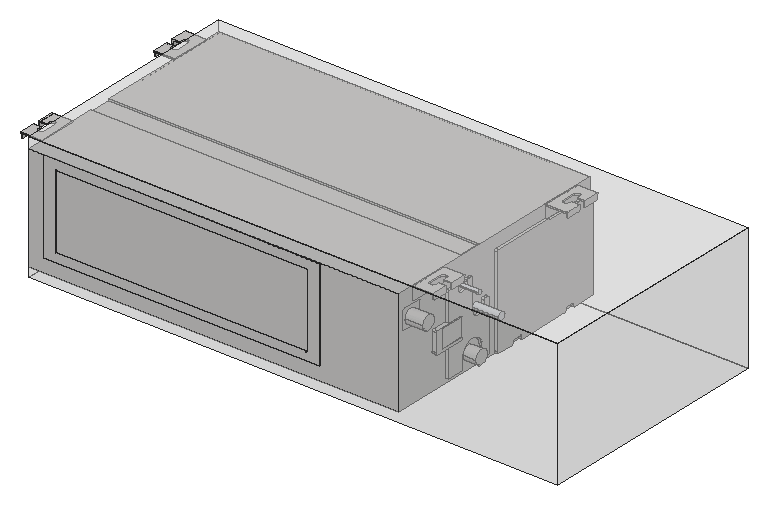
Revit family "outputfile", category 機械設備, Revit 2024
Family settings
  丸型コネクタ寸法 = 半径を使用
  パーツ タイプ = 標準
  OmniClass 番号 = 23.75.10.24.21.27.27
  OmniClass タイトル = Split System Air Conditioning Units
  作業面ベース = いいえ
  常に垂直 = はい
  ロード時にボイドで切り取り = いいえ
  注釈の向きを維持 = いいえ
  共有 = いいえ
  部屋計算ポイント = はい
Parameters (values of type "FPDAQ40APVM")
  Description = ""
  製造元 = "Daikin"
  書き出し IFC クラス(タイプ) = "IfcUnitaryEquipmentType"
  定義済み IFC タイプ(タイプ) = "AIRCONDITIONINGUNIT"
  Cost = 0
  モデル = "FPDAQ40APVM"
  Type Comments = ""
  Keynote = ""
  Type Image = (empty or 0)
  Assembly Code = ""
  lw_suctionflange = 36.75 mm  # constant formula
  r_Liquid Pipe Size = Liquid Pipe Size / 2  # 3.2 mm
  r_Gas Pipe Size = Gas Pipe Size / 2  # 6.35 mm
  r_Drain Pipe Size = Drain Pipe Size / 2  # 13.0 mm
  lw_dischargeflange = 60.0 mm  # constant formula
  lw_SA_left = 351.0 mm
  lw_SA = Width - 178.0 mm  # 522.0 mm
  lw_RA = 624.5 mm
  lh_suctionflange [instance] = if(Rear Connection_Return Air, -100.0 mm, -10.0 mm)  # -100.0 mm
  lh_power = 100.0 mm  # constant formula
  lh_mountinghole1 = lh_mountinghole  # 200.0 mm
  lh_dischargeflange = 112.0 mm  # constant formula
  lh_RA = 198.0 mm  # constant formula
  ld_dischargeflange = 225.0 mm  # constant formula
  ld_suctionflange [instance] = if(Rear Connection_Return Air, 190.0 mm, 100.0 mm)  # 190.0 mm
  angle_vertical_RA [instance] = if(Rear Connection_Return Air, 90.00°, 0.00°)  # 90.00°
  angle horizontal_RA [instance] = if(Rear Connection_Return Air, 180.00°, 270.00°)  # 180.00°
  Voltage_comment_60Hz = "220-230"
  Voltage_comment_50Hz = "220 - 240"
  Voltage_60Hz = 220 V
  Voltage_50Hz = 230 V
  URL = ""
  Supply Air Direction [instance] = yes
  Sound Power Level_H speed (dB) = 0
  Rear Connection_Return Air [instance] = not(Bottom Connection_Return Air)  # yes
  ld_RA = 190.0 mm  # constant formula
  Phase_60Hz = 1
  Phase_50Hz = 1
  Minimum External Static Pressure = 0.00 Pa
  Minimum Circuit Amps_60Hz = 0.6 A
  Minimum Circuit Amps_50Hz = 0.6 A
  Maximum Fuse Amps_60Hz = 16.0 A
  Maximum Fuse Amps_50Hz = 16.0 A
  Maximum External Static Pressure = 10.00 Pa
  Material_Casing = DAIKIN_GalvanizedSteel_Casing_indoorunit
  lw_mountinghole = 740.0 mm
  lh_gaspipe = -98.0 mm  # constant formula
  lh_mountinghole = 200.0 mm  # constant formula
  lh_liquidpipe = -45.5 mm  # constant formula
  lh_drainpipe = -50.0 mm  # constant formula
  lh_antena = 1.0 mm  # constant formula
  ld_drainpipe = 197.0 mm  # constant formula
  ld_liquidpipe = 84.0 mm  # constant formula
  ld_gaspipe = 46.5 mm  # constant formula
  ld_mountinghole = 315.0 mm  # constant formula
  h*** = 100.0 mm  # constant formula
  lw_liquidpipe = 40.0 mm  # constant formula
  lw_gaspipe = 51.0 mm  # constant formula
  lw_drainpipe = 33.0 mm  # constant formula
  Width = 700.0 mm
  Version = "ver.1.0"
  Unit Type = "3D Air Flow Ceiling Mounted Duct Type"
  Unit Mass Weight = 17.00 kg
  Unit Designation [instance] = ""
  Uniclass2015Version = "Products v1.30"
  Uniclass2015Title = "Variable refrigerant flow units"
  Uniclass2015Code = "Pr_70_65_03_94"
  Total Cooling Capacity [instance] = 0.000 kW
  Sound Pressure Level_M speed (dBA) = 35
  Sound Pressure Level_L speed (dBA) = 31
  Sound Pressure Level_H speed (dBA) = 39
  Series = "VRV HOME_Fan Coil Unit"
  Sensible Cooling Capacity [instance] = 0.000 kW
  SA Duct Size Width = 456.0 mm
  SA Duct Size Height = 141.0 mm
  Refrigerant Type = "R410A"
  RA Duct Size Width = 598.5 mm
  RA Duct Size Height = 172.0 mm
  Power Input (Cooling) = 0.049 kW
  Option Accessory 3 [instance] = ""
  Option Accessory 2 [instance] = ""
  Option Accessory 1 [instance] = ""
  Nominal Cooling Capacity = 4.500 kW
  Minimum Airflow = 540.00 m³/h
  Median Airflow = 630.00 m³/h
  Maximum Airflow = 720.00 m³/h
  Load Classification = HVAC
  Liquid Pipe Size = 6.4 mm
  Link_Nested Family [instance] = ""
  IfcVersion = ""
  IfcExportType = "AIRCONDITIONINGUNIT"
  IfcExportAs = "IfcUnitaryEquipmentType"
  Height = 200.0 mm
  Heat Exchanger Type = "Cross Fin Coil"
  Gas Pipe Size = 12.7 mm
  Frequency_60Hz = 60 Hz
  Frequency_50Hz = 50 Hz
  Fan Type = "Sirocco Fan"
  Fan Drive = "Direct Drive"
  FCU Tag No. [instance] = ""
  Drain Pipe Size = 26.0 mm
  Design Supply Airflow [instance] = 0.00 m³/h
  Design Return Airflow [instance] = 0.00 m³/h
  Design External Static Pressure [instance] = 0.00 Pa
  Depth = 450.0 mm
  既定の高さ = 0.0 mm
  Cooling Entering Wet Bulb Temperature [instance] = 0.00 °C
  Cooling Entering Dry Bulb Temperature [instance] = 0.00 °C
  Cooling Ambient Wet Bulb Temperature [instance] = 0.00 °C
  Cooling Ambient Dry Bulb Temperature [instance] = 0.00 °C
  Clearance visibility [instance] = yes
  Clearance Top = 20.0 mm
  Clearance Right = 300.0 mm
  Clearance Rear = 0.0 mm
  Clearance Left = 0.0 mm
  Clearance Front = 0.0 mm
  Clearance Bottom = 20.0 mm
  Bottom Connection_Return Air [instance] = no
  left_pipe = no
Reference planes
  plane 1 "Center (Front/Back)": y = 0
  plane 2 "h": z = 0
  plane 3 "Center (Left/Right)": x = 0
  plane 4 "Back": y = 225
  plane 5 "Front": y = -225
  plane 6 "Left": x = -350
  plane 7 "Reight": x = 350
  plane 8 "Top": z = 0
  plane 9 "Bottom": z = -200
  plane 10: z = 1.2
  plane 11: z = -2
  plane 12: y = -136.255
  plane 13: z = -130.998
  plane 14: y = -88.831
  plane 15: x = -370
  plane 16 "lh_mountinghole": z = 0
  plane 17: y = -197
  plane 18: z = -50
  plane 19: y = -157.5
  plane 20: y = 157.5
  plane 21 "ld_liquidpipe": y = -84
  plane 22 "ld_gaspipe": y = -46.5
  plane 23: y = -215
  plane 24 "ld_maintenacesocket": y = -197
  plane 25: x = -370
  plane 26: x = -350
  plane 27: x = 348.7
  plane 28: x = 383
  plane 29: x = 357
  plane 30: x = 360
  plane 31: x = 358
  plane 32: x = 370
  plane 33: y = -62
  plane 34: x = 375.5
  plane 35: x = 348
  plane 36: y = 225
  plane 37: y = -225
  plane 38: x = -350
  plane 39: x = 650
  plane 40: z = 20
  plane 41: z = -220
  plane 42: y = 250
  plane 43: z = -198
  plane 44: z = 205.102
  plane 45 "d_liquid_pipe": x = 390
  plane 46 "d_gas_pipe": x = 401
  plane 47 "ld_SA": y = -225
  plane 48: x = -350
  plane 49: x = -60
  plane 50: y = 415
  plane 51: z = -88
  plane 52: z = -189.5
  plane 53: x = -349
  plane 54: z = -199
  plane 55: z = -1
  plane 56: y = 35
  plane 57: y = 25
  plane 58: z = -10
  plane 59 "RA_width": x = -36.75
  plane 60: y = 125
  plane 61 "RA_depth": y = 35
  plane 62: z = -100
  plane 63: x = -349
  plane 64: y = 224
  plane 65: x = 242.57
  plane 66: z = -31.16
  plane 67: x = 302
  plane 68: y = 158.8
  plane 69 "h86.5": z = -113.5
  plane 70: y = 111
Forms (mm)
  Extrusion 1, solid, material "DAIKIN_GalvanizedSteel_Casing_indoorunit" <- "Material_Casing"
    sketch origin (0, 0, 0) x (1, 0, 0) y (0, 1, 0)
      loop
        line (-350, 225) -> (-350, -225) -> (350, -225) -> (350, 225) -> (-350, 225)
    from -200 to 0
  Extrusion 2, solid, material "DAIKIN_GalvanizedSteel_Casing_indoorunit" <- "Material_Casing"
    sketch origin (0, 0.312, 0) x (0, 1, 0) y (0, 0, 1)
      loop
        line (182.791, -198) -> (224.688, -198) -> (224.688, -22.445) -> (195.656, -22.445) -> (192.165, -25.937) -> (122.336, -25.937) -> (118.844, -22.445) -> (1.633, -22.445)
        arc (1.633, -22.445) -> (-0.483, -23.322) -> (-1.36, -25.438) r 2.993
        line (-1.36, -25.438) -> (-1.36, -195.007)
        arc (-1.36, -195.007) -> (-0.483, -197.123) -> (1.633, -198) r 2.993
        line (1.633, -198) -> (31.061, -198)
        arc (31.061, -198) -> (33.177, -197.124) -> (34.053, -195.008) r 2.992
        line (34.053, -195.008) -> (34.053, -188.29)
        arc (34.053, -188.29) -> (35.55, -186.794) -> (37.046, -188.29) r 1.496
        line (37.046, -188.29) -> (37.046, -190.333) -> (52.01, -190.333) -> (52.01, -188.29)
        arc (52.01, -188.29) -> (53.506, -186.794) -> (55.002, -188.29) r 1.496
        line (55.002, -188.29) -> (55.002, -195.007)
        arc (55.002, -195.007) -> (55.879, -197.123) -> (57.995, -198) r 2.993
        line (57.995, -198) -> (155.756, -198)
        arc (155.756, -198) -> (157.872, -197.123) -> (158.749, -195.007) r 2.993
        line (158.749, -195.007) -> (158.749, -188.29)
        arc (158.749, -188.29) -> (160.245, -186.794) -> (161.741, -188.29) r 1.496
        line (161.741, -188.29) -> (161.741, -190.333) -> (176.705, -190.333) -> (176.705, -188.29)
        arc (176.705, -188.29) -> (178.201, -186.794) -> (179.697, -188.29) r 1.496
        line (179.697, -188.29) -> (179.697, -195.005)
        arc (179.697, -195.005) -> (180.571, -197.115) -> (182.682, -197.989) r 2.984
      loop
        arc (-61.313, -42.952) -> (-62.034, -41.571) -> (-63.466, -40.958) r 2.32
        line (-63.466, -40.958) -> (-70.317, -40.958)
        arc (-70.317, -40.958) -> (-71.728, -41.542) -> (-72.313, -42.953) r 1.995
        line (-72.313, -42.953) -> (-72.313, -45.5)
        arc (-72.313, -45.5) -> (-84.313, -57.5) -> (-96.313, -45.5) r 12
        line (-96.313, -45.5) -> (-96.313, -42.953)
        arc (-96.313, -42.953) -> (-96.897, -41.542) -> (-98.308, -40.958) r 1.995
        line (-98.308, -40.958) -> (-115.14, -40.958)
        arc (-115.14, -40.958) -> (-116.551, -41.542) -> (-117.135, -42.953) r 1.995
        line (-117.135, -42.953) -> (-117.135, -189.5) -> (-22.307, -189.5) -> (-22.307, -92.768)
        arc (-22.307, -92.768) -> (-22.891, -91.358) -> (-24.302, -90.773) r 1.995
        line (-24.302, -90.773) -> (-30.318, -90.773)
        arc (-30.318, -90.773) -> (-31.728, -91.358) -> (-32.313, -92.768) r 1.995
        line (-32.313, -92.768) -> (-32.313, -99.963)
        arc (-32.313, -99.963) -> (-47.621, -112.774) -> (-61.313, -98.249) r 14.551
        line (-61.313, -98.249) -> (-61.313, -42.952)
    from 350 to 357
  Extrusion 3, solid, material "DAIKIN_GalvanizedSteel_Casing_indoorunit" <- "Material_Casing"
    sketch origin (0, 0, 0) x (0, 1, 0) y (0, 0, 1)
      loop
        line (-91.821, -94.277) -> (-145.472, -94.277)
        arc (-145.472, -94.277) -> (-147.727, -95.07) -> (-148.682, -97.262) r 2.993
        line (-148.682, -97.262) -> (-148.682, -131.007)
        arc (-148.682, -131.007) -> (-147.871, -133.233) -> (-145.694, -134.172) r 2.993
        line (-145.694, -134.172) -> (-92.043, -134.172)
        arc (-92.043, -134.172) -> (-89.788, -133.378) -> (-88.833, -131.187) r 2.993
        line (-88.833, -131.187) -> (-88.831, -97.148)
        arc (-88.831, -97.148) -> (-89.748, -95.111) -> (-91.821, -94.277) r 2.993
    from 350 to 360
  Extrusion 4, void
    sketch origin (0, 0, 0) x (1, 0, 0) y (0, 1, 0)
      loop
        line (348.7, -35.647) -> (-350, -35.647) -> (-350, -77.912) -> (348.7, -77.912) -> (348.7, -35.647)
    from -2 to 0
  Extrusion 5, void
    sketch origin (0, 0, 0) x (0, 1, 0) y (0, 0, 1)
      loop
        line (-136.255, -95.719) -> (-136.255, -130.724) -> (-88.831, -130.724) -> (-88.831, -95.719) -> (-136.255, -95.719)
    from 358 to 360
  Extrusion 6, void
    sketch origin (0, 0, 29.537) x (0, 1, 0) y (0, 0, 1)
      loop
        arc (-37.558, -199.001) -> (-61.998, -174.561) -> (-86.438, -199.001) r 24.44
        line (-86.438, -199.001) -> (-86.438, -219.037) -> (-37.558, -219.037) -> (-37.558, -199.001)
    from 357 to 350
  Extrusion 7, solid, material "DAIKIN_GalvanizedSteel_Casing_indoorunit" <- "Material_Casing"
    sketch origin (0, 0, 0) x (0, 1, 0) y (0, 0, 1)
      loop
        circle (-62, -170) r 12.968
    from 350 to 375.5
  Extrusion 8, solid, material "DAIKIN_GalvanizedSteel_Casing_indoorunit" <- "Material_Casing"
    sketch origin (0, 0, 0) x (0, 1, 0) y (0, 0, 1)
      loop
        circle (-197, -50) r 13
    from 348 to 383
  Extrusion 9, void
    sketch origin (0, 0, 0) x (0, 1, 0) y (0, 0, 1)
      loop
        arc (-212.961, -29.051) -> (-216.488, -30.512) -> (-217.949, -34.039) r 4.988
        line (-217.949, -34.039) -> (-217.949, -63.961)
        arc (-217.949, -63.961) -> (-216.488, -67.488) -> (-212.961, -68.949) r 4.988
        line (-212.961, -68.949) -> (-181.039, -68.949)
        arc (-181.039, -68.949) -> (-177.512, -67.488) -> (-176.051, -63.961) r 4.988
        line (-176.051, -63.961) -> (-176.051, -34.039)
        arc (-176.051, -34.039) -> (-177.512, -30.512) -> (-181.039, -29.051) r 4.988
        line (-181.039, -29.051) -> (-212.961, -29.051)
    from 348 to 350
  Extrusion 10, solid
    sketch origin (0, 0, 0) x (0, 1, 0) y (0, 0, 1)
      loop
        circle (-84, -45.5) r 3.2
    from 350 to 390
  Extrusion 11, solid
    sketch origin (0, 0, 0) x (0, 1, 0) y (0, 0, 1)
      loop
        circle (-46.5, -98) r 6.35
    from 350 to 401
  Extrusion 12, solid, material "DAIKIN_GalvanizedSteel_Casing_indoorunit" <- "Material_Casing"
    sketch origin (0, 0, 0) x (1, 0, 0) y (0, 1, 0)
      loop
        circle (302, 158.8) r 25
    from -198 to -200
  Extrusion 13, void
    sketch origin (0, 0, 0) x (1, 0, 0) y (0, 0, 1)
      loop
        line (-349, -1) -> (-349, -199) -> (262.5, -199) -> (262.5, -1) -> (-349, -1)
    from -225 to -35
  Extrusion 14, void
    sketch origin (0, 0, 0) x (1, 0, 0) y (0, 1, 0)
      loop
        line (-349, 224) -> (-349, 26) -> (262.5, 26) -> (262.5, 224) -> (-349, 224)
    from -200 to -10
  Extrusion 15, solid, material "DAIKIN_GalvanizedSteel_Casing_indoorunit" <- "Material_Casing", visible <- "Rear Connection_Return Air"
    sketch origin (0, 0, 0) x (1, 0, 0) y (0, 1, 0)
      loop
        line (262.5, 224) -> (-349, 224) -> (-349, 26) -> (262.5, 26) -> (262.5, 224)
    from -200 to -199
  Extrusion 16, solid, material "DAIKIN_GalvanizedSteel_Casing_indoorunit" <- "Material_Casing", visible <- "Bottom Connection_Return Air"
    sketch origin (0, 0, 0) x (1, 0, 0) y (0, 0, 1)
      loop
        line (262.5, -1) -> (-349, -1) -> (-349, -199) -> (262.5, -199) -> (262.5, -1)
    from -225 to -215
  Extrusion 17, void
    sketch origin (-350, 0, 0) x (0, 1, 0) y (0, 0, 1)
      loop
        line (152, -88.5) -> (70, -88.5) -> (70, -138.5) -> (152, -138.5) -> (152, -88.5)
    from 0 to 0.5
  Revolve 18, solid, material "DAIKIN_GalvanizedSteel_Casing_indoorunit" <- "Material_Casing", visible <- "left_pipe"
    sketch origin (0, 0, -113.5) x (0, 1, 0) y (-1, 0, 0)
      loop
        line (111, 349.5) -> (111, 373) -> (103.5, 373) -> (103.5, 359) -> (93.5, 359) -> (93.5, 357.5) -> (90, 357.5) -> (90, 349.5) -> (111, 349.5)
      axis (111, 373) -> (111, 349.5)
    angle from 0 to 360
Cuts and joins
  Extrusion 4, Extrusion 5, Extrusion 9, Extrusion 13, Extrusion 14, Extrusion 17 cuts Extrusion 1
  Extrusion 5 cuts Extrusion 3
  Extrusion 6 cuts Extrusion 2
  Extrusion 13 cuts Extrusion 8
Dimensions and locks
  "Height": plane 8 "Top" to plane 9 "Bottom"
  locked: plane 10 to plane 8 "Top" at 1.2
  locked: plane 8 "Top" to plane 11 at 2
  locked: Extrusion 6 sketch curve to Extrusion 6 sketch curve at 48.881
  locked: Extrusion 6 sketch curve to Extrusion 6 sketch curve at 20.035  (x2)
  equal spacing: plane 19, plane 1 "Center (Front/Back)", plane 20
  "ld_mountinghole": plane 19 to plane 20
  "ld_gaspipe": plane 22 "ld_gaspipe" to plane 1 "Center (Front/Back)"
  "ld_liquidpipe": plane 21 "ld_liquidpipe" to plane 1 "Center (Front/Back)"
  "ld_drainpipe": plane 24 "ld_maintenacesocket" to plane 1 "Center (Front/Back)"
  equal spacing: plane 4 "Back", plane 1 "Center (Front/Back)", plane 5 "Front"
  "Depth": plane 4 "Back" to plane 5 "Front"
  locked: plane 12 to plane 1 "Center (Front/Back)" at 136.255
  locked: plane 12 to plane 14 at 47.425
  locked: plane 14 to plane 1 "Center (Front/Back)" at 88.831
  locked: plane 13 to plane 9 "Bottom" at 69.002
  equal spacing: plane 6 "Left", plane 3 "Center (Left/Right)", plane 7 "Reight"
  "Width": plane 6 "Left" to plane 7 "Reight"
  "lw_drainpipe": plane 7 "Reight" to plane 28
  locked: plane 7 "Reight" to plane 29 at 7
  locked: plane 30 to plane 28 at 23
  locked: plane 31 to plane 28 at 25
  equal spacing: plane 25, plane 3 "Center (Left/Right)", plane 32
  "lw_mountinghole": plane 25 to plane 32
  locked: plane 7 "Reight" to plane 34 at 25.5
  locked: plane 35 to plane 7 "Reight" at 2
  "Clearance Left": plane 38 to plane 6 "Left"
  "Clearance Right": plane 7 "Reight" to plane 39
  "Clearance Rear": plane 36 to plane 4 "Back"
  "Clearance Front": plane 5 "Front" to plane 37
  "Clearance Top": plane 40 to plane 8 "Top"
  "Clearance Bottom": plane 9 "Bottom" to plane 41
  locked: plane 42 to plane 4 "Back" at 25
  locked: plane 27 to plane 7 "Reight" at 1.3
  locked: plane 43 to plane 9 "Bottom" at 2
  "lw_liquidpipe": plane 7 "Reight" to plane 45 "d_liquid_pipe"
  "lw_gaspipe": plane 7 "Reight" to plane 46 "d_gas_pipe"
  "lh_mountinghole": plane 16 "lh_mountinghole" to plane 9 "Bottom"
  "ld_suctionflange": plane 50 to plane 4 "Back"
  "lw_dischargeflange": plane 49 to plane 3 "Center (Left/Right)"
  "lh_dischargeflange": plane 51 to plane 9 "Bottom"
  locked: plane 52 to plane 9 "Bottom" at 10.5
  locked: plane 33 to plane 1 "Center (Front/Back)" at 62
  locked: plane 8 "Top" to plane 55 at 1
  locked: plane 53 to plane 6 "Left" at 1
  locked: plane 54 to plane 9 "Bottom" at 1
  locked: plane 58 to plane 9 "Bottom" at 190
  locked: plane 4 "Back" to plane 56 at 190
  locked: plane 4 "Back" to plane 57 at 200
  locked: plane 4 "Back" to plane 60 at 100
  "lw_suctionflange": plane 59 "RA_width" to plane 3 "Center (Left/Right)"
  "ld_suctionflange": plane 4 "Back" to plane 61 "RA_depth"
  "lh_power": plane 62 to plane 9 "Bottom"
  locked: plane 48 to plane 63 at 1
  locked: plane 36 to plane 64 at 1
  locked: plane 8 "Top" to plane 66 at 31.16
  locked: plane 7 "Reight" to plane 65 at 107.43
  locked: plane 18 to plane 9 "Bottom" at 150
  locked: plane 67 to plane 7 "Reight" at 48
  locked: Extrusion 17 sketch curve to Extrusion 17 sketch curve at 82
  locked: Extrusion 17 sketch curve to Extrusion 17 sketch curve at 50
  locked: plane 4 "Back" to Extrusion 17 sketch curve at 73
  locked: Extrusion 17 sketch curve to plane 9 "Bottom" at 61.5
  locked: plane 69 "h86.5" to plane 9 "Bottom" at 86.5
  locked: plane 4 "Back" to plane 70 at 114
  locked: plane 70 to Revolve 18 sketch curve at 21
  locked: plane 70 to Revolve 18 sketch curve at 17.5
  locked: plane 70 to Revolve 18 sketch curve at 7.5
  locked: Revolve 18 sketch curve to plane 6 "Left" at 23
  cut or joined group of Extrusion 1, Extrusion 4, Extrusion 5, Extrusion 9, Extrusion 13, Extrusion 14, Extrusion 17 to nested 16 = 598.5 mm
  nested 16 to nested 9 = 14.0 mm
  nested 16 to cut or joined group of Extrusion 1, Extrusion 4, Extrusion 5, Extrusion 9, Extrusion 13, Extrusion 14, Extrusion 17 = 13.0 mm
  "ld_dischargeflange": plane 47 "ld_SA" to plane 1 "Center (Front/Back)"
  plane 4 "Back" to plane 68 = 66.2 mm
  "Drain Pipe Size": diameter of Extrusion 8 sketch curve
  "Liquid Pipe Size": diameter of Extrusion 10 sketch curve
  "Gas Pipe Size": diameter of Extrusion 11 sketch curve
  aligned and locked: level to plane 2 "h"
  aligned and locked: plane 8 "Top" to Extrusion 1
  aligned and locked: Extrusion 1 to plane 9 "Bottom"
  aligned and locked: cut or joined group of Extrusion 1, Extrusion 4, Extrusion 5, Extrusion 9, Extrusion 13, Extrusion 14, Extrusion 17 to plane 8 "Top"
  aligned and locked: Extrusion 4 to plane 11
  aligned and locked: plane 8 "Top" to Extrusion 4
  aligned and locked: Extrusion 3 to Extrusion 5
  aligned and locked: plane 14 to Extrusion 5 sketch curve
  aligned and locked: Extrusion 5 sketch curve to plane 12
  aligned and locked: plane 19 to nested 1
  aligned and locked: nested 3 to plane 19
  aligned and locked: nested 2 to plane 20
  aligned and locked: nested 4 to plane 22 "ld_gaspipe"
  aligned and locked: nested 5 to plane 21 "ld_liquidpipe"
  aligned and locked: nested 6 to plane 24 "ld_maintenacesocket"
  aligned and locked: plane 4 "Back" to cut or joined group of Extrusion 2, Extrusion 6
  aligned and locked: nested 1 to plane 7 "Reight"
  aligned and locked: plane 6 "Left" to plane 26
  aligned and locked: Extrusion 4 sketch curve to plane 26
  aligned and locked: Extrusion 4 sketch curve to plane 27
  aligned and locked: cut or joined group of Extrusion 1, Extrusion 4, Extrusion 5, Extrusion 9, Extrusion 13, Extrusion 14, Extrusion 17 to plane 6 "Left"
  aligned and locked: plane 7 "Reight" to cut or joined group of Extrusion 1, Extrusion 4, Extrusion 5, Extrusion 9, Extrusion 13, Extrusion 14, Extrusion 17
  aligned and locked: plane 28 to Extrusion 8
  aligned and locked: Extrusion 8 to plane 28  (x2)
  aligned and locked: cut or joined group of Extrusion 2, Extrusion 6 to plane 29
  aligned and locked: plane 29 to cut or joined group of Extrusion 2, Extrusion 6  (x3)
  aligned and locked: plane 7 "Reight" to nested 1
  aligned and locked: cut or joined group of Extrusion 2, Extrusion 6 to plane 7 "Reight"
  aligned and locked: Extrusion 2 to Extrusion 6
  aligned and locked: Extrusion 6 to plane 7 "Reight"
  aligned and locked: plane 30 to cut or joined group of Extrusion 3, Extrusion 5
  aligned and locked: cut or joined group of Extrusion 3, Extrusion 5 to plane 31
  aligned and locked: nested 2 to plane 6 "Left"
  aligned and locked: nested 3 to plane 6 "Left"
  aligned and locked: plane 33 to Extrusion 7 sketch curve
  aligned and locked: Extrusion 7 to plane 7 "Reight"
  aligned and locked: plane 34 to Extrusion 7
  aligned and locked: Extrusion 3 to plane 7 "Reight"
  aligned and locked: plane 7 "Reight" to Extrusion 9
  aligned and locked: plane 35 to Extrusion 9
  aligned and locked: plane 35 to Extrusion 8
  aligned and locked: plane 20 to nested 7
  aligned and locked: plane 3 "Center (Left/Right)" to nested 8
  aligned and locked: plane 1 "Center (Front/Back)" to nested 8
  aligned and locked: plane 7 "Reight" to nested 7
  aligned and locked: plane 4 "Back" to cut or joined group of Extrusion 1, Extrusion 4, Extrusion 5, Extrusion 9, Extrusion 13, Extrusion 14, Extrusion 17
  aligned and locked: nested 9 to plane 37
  aligned and locked: plane 38 to nested 9
  aligned and locked: plane 39 to nested 9
  aligned and locked: nested 9 to plane 38
  aligned and locked: plane 36 to nested 9
  aligned and locked: plane 40 to nested 9
  aligned and locked: plane 41 to nested 9
  aligned and locked: cut or joined group of Extrusion 1, Extrusion 4, Extrusion 5, Extrusion 9, Extrusion 13, Extrusion 14, Extrusion 17 to plane 9 "Bottom"
  aligned and locked: Extrusion 10 to plane 7 "Reight"
  aligned and locked: plane 45 "d_liquid_pipe" to Extrusion 10
  aligned and locked: plane 22 "ld_gaspipe" to Extrusion 11 sketch curve
  aligned and locked: Extrusion 11 to plane 7 "Reight"
  aligned and locked: plane 46 "d_gas_pipe" to Extrusion 11
  aligned and locked: plane 46 "d_gas_pipe" to nested 4
  aligned and locked: plane 45 "d_liquid_pipe" to nested 5
  aligned and locked: plane 21 "ld_liquidpipe" to Extrusion 10 sketch curve
  aligned and locked: plane 16 "lh_mountinghole" to nested 3
  aligned and locked: plane 16 "lh_mountinghole" to nested 2
  aligned and locked: plane 16 "lh_mountinghole" to nested 1
  aligned and locked: plane 16 "lh_mountinghole" to nested 7
  aligned and locked: plane 32 to nested 10
  aligned and locked: plane 19 to nested 10
  aligned and locked: plane 32 to nested 13
  aligned and locked: plane 20 to nested 13
  aligned and locked: plane 25 to nested 11
  aligned and locked: plane 20 to nested 11
  aligned and locked: plane 25 to nested 12
  aligned and locked: plane 19 to nested 12
  aligned and locked: plane 49 to nested 14
  aligned and locked: plane 51 to nested 14
  aligned and locked: plane 20 to nested 15
  aligned and locked: plane 52 to Extrusion 2 sketch curve
  aligned and locked: cut or joined group of Extrusion 2, Extrusion 6 to Extrusion 12
  aligned and locked: Extrusion 12 to plane 9 "Bottom"
  aligned and locked: nested 15 to plane 9 "Bottom"
  aligned and locked: Extrusion 2 sketch curve to plane 43  (x3)
  aligned and locked: plane 53 to Extrusion 13 sketch curve
  aligned and locked: Extrusion 13 sketch curve to plane 55
  aligned and locked: plane 54 to Extrusion 13 sketch curve
  aligned and locked: plane 4 "Back" to Extrusion 13
  aligned and locked: nested 16 to cut or joined group of Extrusion 1, Extrusion 4, Extrusion 5, Extrusion 9, Extrusion 13, Extrusion 14, Extrusion 17
  aligned and locked: Extrusion 14 to plane 9 "Bottom"
  aligned and locked: plane 58 to Extrusion 14
  aligned and locked: Extrusion 15 sketch curve to cut or joined group of Extrusion 1, Extrusion 4, Extrusion 5, Extrusion 9, Extrusion 13, Extrusion 14, Extrusion 17  (x2)
  aligned and locked: cut or joined group of Extrusion 1, Extrusion 4, Extrusion 5, Extrusion 9, Extrusion 13, Extrusion 14, Extrusion 17 to Extrusion 15 sketch curve
  aligned and locked: Extrusion 15 to plane 9 "Bottom"
  aligned and locked: Extrusion 13 to plane 56
  aligned and locked: Extrusion 16 sketch curve to cut or joined group of Extrusion 1, Extrusion 4, Extrusion 5, Extrusion 9, Extrusion 13, Extrusion 14, Extrusion 17  (x3)
  aligned and locked: plane 4 "Back" to Extrusion 16
  aligned and locked: Extrusion 15 to cut or joined group of Extrusion 1, Extrusion 4, Extrusion 5, Extrusion 9, Extrusion 13, Extrusion 14, Extrusion 17
  aligned and locked: plane 7 "Reight" to nested 6
  aligned and locked: plane 24 "ld_maintenacesocket" to nested 6
  aligned and locked: plane 61 "RA_depth" to nested 17
  aligned and locked: plane 67 to Extrusion 12 sketch curve
  aligned and locked: plane 68 to Extrusion 12 sketch curve
  aligned and locked: plane 67 to nested 15
  aligned and locked: nested 18 to Extrusion 16
  aligned and locked: plane 70 to Revolve 18 sketch curve
  aligned and locked: plane 49 to nested 19
  aligned and locked: plane 47 "ld_SA" to nested 19
  aligned and locked: plane 1 "Center (Front/Back)" to nested 14
  aligned and locked: nested 19 to plane 51
Automatic sketch dimensions
  Extrusion 3 sketch curve to Extrusion 3 sketch curve = 0.217 mm  (x2)
  Extrusion 3 sketch curve to Extrusion 3 sketch curve = 2.985 mm  (x2)
  Extrusion 3 sketch curve to Extrusion 3 sketch curve = 53.651 mm
  Extrusion 3 sketch curve to Extrusion 3 sketch curve = 2.988 mm
  Extrusion 3 sketch curve to Extrusion 3 sketch curve = 0.172 mm
  Extrusion 3 sketch curve to Extrusion 3 sketch curve = 0.222 mm
  Extrusion 3 sketch curve to Extrusion 3 sketch curve = 2.993 mm
  Extrusion 3 sketch curve to Extrusion 3 sketch curve = 0.008 mm
  plane 1 "Center (Front/Back)" to Extrusion 4 sketch curve = 77.912 mm
  plane 1 "Center (Front/Back)" to Extrusion 4 sketch curve = 35.647 mm
  plane 9 "Bottom" to Extrusion 7 sketch curve = 30.0 mm
  Extrusion 3 sketch curve to Extrusion 3 sketch curve = 2.99 mm
  plane 9 "Bottom" to Extrusion 3 sketch curve = 65.828 mm
  Extrusion 3 sketch curve to Extrusion 3 sketch curve = 33.917 mm
  Extrusion 3 sketch curve to Extrusion 3 sketch curve = 33.745 mm
  Extrusion 3 sketch curve to plane 19 = 8.818 mm
  plane 23 to Extrusion 1 sketch curve = 10.0 mm
  Extrusion 1 sketch curve to plane 6 "Left" = 0.0 mm
  Extrusion 1 sketch curve to plane 7 "Reight" = 0.0 mm
  plane 23 to Extrusion 9 sketch curve = 2.949 mm
  Extrusion 9 sketch curve to plane 23 = 2.039 mm  (x2)
  Extrusion 9 sketch curve to plane 24 "ld_maintenacesocket" = 15.961 mm
  Extrusion 9 sketch curve to Extrusion 9 sketch curve = 4.988 mm  (x2)
  Extrusion 1 sketch curve to plane 4 "Back" = 0.0 mm
  plane 21 "ld_liquidpipe" to Extrusion 6 sketch curve = 2.438 mm
  plane 43 to Extrusion 6 sketch curve = 8.5 mm
  plane 6 "Left" to Extrusion 14 sketch curve = 1.0 mm
  Extrusion 14 sketch curve to plane 7 "Reight" = 87.5 mm
  Extrusion 14 sketch curve to plane 4 "Back" = 1.0 mm
  Extrusion 15 sketch curve to plane 4 "Back" = 1.0 mm
  plane 51 to Extrusion 5 sketch curve = 7.719 mm
  Extrusion 9 sketch curve to plane 51 = 19.051 mm
  Extrusion 9 sketch curve to plane 58 = 24.039 mm
  Extrusion 10 sketch curve to plane 58 = 35.5 mm
  plane 35 to Extrusion 16 sketch curve = 85.5 mm
  plane 35 to Extrusion 13 sketch curve = 85.5 mm
  plane 57 to Extrusion 14 sketch curve = 1.0 mm
  Extrusion 8 sketch curve to plane 17 = 0.0 mm
  Extrusion 8 sketch curve to plane 18 = 0.0 mm
  plane 62 to Extrusion 11 sketch curve = 2.0 mm
  plane 13 to Extrusion 5 sketch curve = 0.274 mm
  Revolve 18 sketch curve to plane 70 = 0.0 mm
  plane 6 "Left" to Revolve 18 sketch curve = 0.5 mm
  Revolve 18 sketch curve to Revolve 18 sketch curve = 24.26 mm
  Revolve 18 sketch curve to Revolve 18 sketch curve = 20.32 mm
  Extrusion 2 sketch curve to plane 4 "Back" = 0.0 mm
  plane 66 to Extrusion 2 sketch curve = 5.223 mm
  Extrusion 2 sketch curve to plane 4 "Back" = 32.523 mm
  plane 43 to Extrusion 2 sketch curve = 2.995 mm
  Extrusion 2 sketch curve to plane 20 = 25.494 mm
  plane 52 to Extrusion 2 sketch curve = 1.21 mm  (x4)
  Extrusion 2 sketch curve to Extrusion 2 sketch curve = 2.984 mm
  Extrusion 2 sketch curve to Extrusion 2 sketch curve = 1.496 mm  (x3)
  Extrusion 2 sketch curve to plane 52 = 0.833 mm  (x2)
  Extrusion 2 sketch curve to plane 20 = 4.554 mm
  plane 20 to Extrusion 2 sketch curve = 1.432 mm
  Extrusion 2 sketch curve to plane 60 = 2.352 mm
  Extrusion 2 sketch curve to Extrusion 2 sketch curve = 3.492 mm
  plane 43 to Extrusion 2 sketch curve = 2.993 mm
  plane 56 to Extrusion 2 sketch curve = 23.307 mm
  plane 56 to Extrusion 2 sketch curve = 2.359 mm
  plane 56 to Extrusion 2 sketch curve = 0.862 mm
  Extrusion 2 sketch curve to plane 56 = 0.634 mm
  Extrusion 2 sketch curve to Extrusion 2 sketch curve = 2.992 mm
  Extrusion 2 sketch curve to plane 1 "Center (Front/Back)" = 1.945 mm  (x2)
  plane 1 "Center (Front/Back)" to Extrusion 2 sketch curve = 1.047 mm
  Extrusion 2 sketch curve to Extrusion 2 sketch curve = 20.947 mm
  Extrusion 2 sketch curve to Extrusion 2 sketch curve = 1.995 mm  (x4)
  Extrusion 2 sketch curve to Extrusion 2 sketch curve = 6.016 mm
  plane 62 to Extrusion 2 sketch curve = 0.037 mm
  Extrusion 2 sketch curve to plane 22 "ld_gaspipe" = 0.051 mm
  Extrusion 2 sketch curve to plane 66 = 11.792 mm
  Extrusion 2 sketch curve to Extrusion 2 sketch curve = 30.995 mm
  Extrusion 2 sketch curve to Extrusion 2 sketch curve = 2.154 mm
  Extrusion 2 sketch curve to Extrusion 2 sketch curve = 0.144 mm
  Extrusion 2 sketch curve to Extrusion 2 sketch curve = 6.708 mm
  plane 21 "ld_liquidpipe" to Extrusion 2 sketch curve = 0.0 mm
  Extrusion 2 sketch curve to plane 66 = 9.798 mm
  Extrusion 2 sketch curve to Extrusion 2 sketch curve = 16.833 mm
  plane 21 "ld_liquidpipe" to Extrusion 2 sketch curve = 32.823 mm
  plane 51 to Extrusion 2 sketch curve = 4.768 mm
  Extrusion 2 sketch curve to Extrusion 2 sketch curve = 2.547 mm
  Extrusion 2 sketch curve to Extrusion 2 sketch curve = 0.321 mm
  plane 66 to Extrusion 2 sketch curve = 5.722 mm
  Extrusion 2 sketch curve to Extrusion 2 sketch curve = 3.491 mm
  Extrusion 2 sketch curve to Extrusion 2 sketch curve = 0.11 mm
  Extrusion 2 sketch curve to Extrusion 2 sketch curve = 0.0 mm
  plane 66 to Extrusion 2 sketch curve = 8.715 mm
  Revolve 18 sketch curve to Revolve 18 sketch curve = 1.5 mm
  Revolve 18 sketch curve to plane 6 "Left" = 7.5 mm
  radius of Extrusion 7 sketch curve = 12.968 mm
  radius of Extrusion 12 sketch curve = 25.0 mm
Nested families
  nested 1: "daikin_hangerfixture_FPDSQ-APVM" at (350, -157.5, 0), type "daikin_hangerfixture_FPDSQ-APVM"
  nested 2: "daikin_hangerfixture_FPDSQ-APVM" at (-350, 157.5, 0) x (-1, 0, 0) z (0, 0, 1), type "daikin_hangerfixture_FPDSQ-APVM"
  nested 3: "daikin_hangerfixture_FPDSQ-APVM" at (-350, -157.5, 0) x (-1, 0, 0) z (0, 0, 1), type "daikin_hangerfixture_FPDSQ-APVM"
  nested 4: "daikin_connector_rotate2" at (350, -46.5, -98) x (0, 1, 0) z (0, 0, 1), length <- "lw_gaspipe", built-in parameter 1001364 <- "lh_gaspipe", type "daikin_connector_rotate2"
    with radius 6.35 mm, length 51.0 mm, angle_vertical 90.00°
  nested 5: "daikin_connector_rotate2" at (350, -84, -45.5) x (0, 1, 0) z (0, 0, 1), length <- "lw_liquidpipe", built-in parameter 1001364 <- "lh_liquidpipe", type "daikin_connector_rotate2"
    with radius 3.2 mm, length 40.0 mm, angle_vertical 90.00°
  nested 6: "daikin_connector_rotate2" at (350, -197, -50) x (0, 1, 0) z (0, 0, 1), length <- "lw_drainpipe", built-in parameter 1001364 <- "lh_drainpipe", type "daikin_connector_rotate2"
    with radius 13.0 mm, length 33.0 mm, angle_vertical 90.00°
  nested 7: "daikin_hangerfixture_FPDSQ-APVM" at (350, 157.5, 0), type "daikin_hangerfixture_FPDSQ-APVM"
  nested 8: "daikin_△_symbolicline" at (0, 0, 200), built-in parameter 1001364 <- "Height", visible <- "Supply Air Direction", type "daikin_△_symbolicline"
    with length 200.0 mm
  nested 9: "daikin_clearancespace" at (150, 0, -99.881), visible <- "Clearance visibility", show <- "Clearance visibility", Link_Nested Family <- "Link_Nested Family", type "daikin_clearancespace"
    with width 1000.0 mm, show yes, height 240.0 mm, depth 450.0 mm, Link_Nested Family ""
  nested 10: "daikin_mountinghole" at (370, -157.5, -200), l_antenna <- "lh_antena", Link_Nested Family <- "Link_Nested Family", h_mountinghole <- "lh_mountinghole1", type "daikin_mountinghole"
    with show yes, l_antenna 1.0 mm, h_mountinghole 200.0 mm, Link_Nested Family ""
  nested 11: "daikin_mountinghole" at (-370, 157.5, -200), l_antenna <- "lh_antena", Link_Nested Family <- "Link_Nested Family", h_mountinghole <- "lh_mountinghole1", type "daikin_mountinghole"
    with show yes, l_antenna 1.0 mm, h_mountinghole 200.0 mm, Link_Nested Family ""
  nested 12: "daikin_mountinghole" at (-370, -157.5, -200), l_antenna <- "lh_antena", Link_Nested Family <- "Link_Nested Family", h_mountinghole <- "lh_mountinghole1", type "daikin_mountinghole"
    with show yes, l_antenna 1.0 mm, h_mountinghole 200.0 mm, Link_Nested Family ""
  nested 13: "daikin_mountinghole" at (370, 157.5, -200), l_antenna <- "lh_antena", Link_Nested Family <- "Link_Nested Family", h_mountinghole <- "lh_mountinghole1", type "daikin_mountinghole"
    with show yes, l_antenna 1.0 mm, h_mountinghole 200.0 mm, Link_Nested Family ""
  nested 14: "daikin_connector_rotate2" at (-60, 0, -88), length <- "ld_dischargeflange", type "daikin_connector_rotate2"
    with radius 10.0 mm, length 225.0 mm, angle_vertical 90.00°
  nested 15: "daikin_connector_rotate2" at (302, 157.5, -100) x (1, 0, 0) z (0, -1, 0), length <- "lh_power", type "daikin_connector_rotate2"
    with radius 10.0 mm, length 100.0 mm, angle_vertical 90.00°
  nested 16: "daikin_ductflange_FPDSQ-APVM2" at (-36.75, 225, -199), height <- "lh_RA", width <- "lw_RA", visible <- "Rear Connection_Return Air", type "daikin_ductflange_FPDSQ-APVM2"
    with width 624.5 mm, height 198.0 mm, depth 8.188 mm
  nested 17: "daikin_connector_rotate3" at (-36.75, 35, -100), built-in parameter 1001364 <- "lh_suctionflange", length <- "ld_RA", angle_vertical <- "angle_vertical_RA", angle_horizontal <- "angle horizontal_RA", type "daikin_connector_rotate3"
    with show no, radius 10.0 mm, length 190.0 mm, angle_vertical 90.00°, angle_horizontal 180.00°
  nested 18: "daikin_ductflange_FPDSQ-APVM2" at (-36.75, 26, -200) x (1, 0, 0) z (0, 1, 0), width <- "lw_RA", height <- "lh_RA", visible <- "Bottom Connection_Return Air", type "daikin_ductflange_FPDSQ-APVM2"
    with width 624.5 mm, height 198.0 mm, depth 562.323 mm
  nested 19: "daikin_ductflange_FPDSQ-APVM3" at (-60, -225, -187), height <- "lh_RA", width <- "lw_SA", type "daikin_ductflange_FPDSQ-APVM3"
    with width 522.0 mm, height 198.0 mm, depth 1.0 mm
Connectors
  piping at (401, -46.5, -98), diameter 12.7, driven by "r_Gas Pipe Size"
    settings: on nested 4, index 3, connector inside diameter 609.6 mm, connector length 0.0 mm, flow factor 0, pipe flow 0.00 m³/h, pressure drop 0.0 Pa, fitting loss kfactor 0, connector angle 0.00°, fixture units 0, engagement length 0.0 mm, angle of deflection 0.00°, flow configuration 1, flow direction 2, fitting loss method 0, system type 29, joint type 0, gender type 0, connector reference index -1, connector utility 0, adjustable connector no, is connector primary yes, connector description "Refrigerant Gas Piping"
  piping at (390, -84, -45.5), diameter 6.4, driven by "r_Liquid Pipe Size"
    settings: on nested 5, index 4, connector inside diameter 609.6 mm, connector length 0.0 mm, flow factor 0, pipe flow 0.00 m³/h, pressure drop 0.0 Pa, fitting loss kfactor 0, connector angle 0.00°, fixture units 0, engagement length 0.0 mm, angle of deflection 0.00°, flow configuration 1, flow direction 1, fitting loss method 0, system type 29, joint type 0, gender type 0, connector reference index -1, connector utility 0, adjustable connector no, is connector primary no, connector description "Refrigerant Liquid Piping"
  piping at (383, -197, -50), diameter 26, driven by "r_Drain Pipe Size"
    settings: on nested 6, index 5, connector inside diameter 609.6 mm, connector length 0.0 mm, flow factor 0, pipe flow 0.00 m³/h, pressure drop 0.0 Pa, fitting loss kfactor 0, connector angle 0.00°, fixture units 0, engagement length 0.0 mm, angle of deflection 0.00°, flow configuration 1, flow direction 2, fitting loss method 4, system type 16, joint type 0, gender type 0, connector reference index -1, connector utility 0, adjustable connector no, is connector primary no, connector description "Condensate Drain Piping"
  electrical at (302, 157.5, -200), driven by "Load Classification"
    settings: on nested 15, index 12, voltage 0 V, apparent load 0 VA, apparent load phase1 0 VA, apparent load phase2 0 VA, apparent load phase3 0 VA, power factor 1, load classification "HVAC", number of poles 1, system type 30, power factor state 1, is connector primary yes, connector utility no, sub classification motor no, connector description "Power Supply"
  hvac at (-36.75, 225, -100), driven by "RA Duct Size Height", driven by "RA Duct Size Width"
    settings: on nested 17, index 13, duct flow 0.00 m³/h, flow factor 0, pres drop 0.00 Pa, loss coef 0, conn angle 0.00°, conn width 598.5 mm, conn height 172.0 mm, conn diameter 609.6 mm, duct sys type 2, conn prof type 1, flow config 0, flow direction 1, loss method 4, conn ref index -1, conn util no, is conn primary yes, conn desc "RA Duct"
  hvac at (-60, -225, -88), driven by "SA Duct Size Height", driven by "SA Duct Size Width"
    settings: on nested 14, index 14, duct flow 0.00 m³/h, flow factor 0, pres drop 0.00 Pa, loss coef 0, conn angle 0.00°, conn width 456.0 mm, conn height 141.0 mm, conn diameter 609.6 mm, duct sys type 1, conn prof type 1, flow config 0, flow direction 2, loss method 4, conn ref index -1, conn util no, is conn primary no, conn desc "SA Duct"
Definition of nested family "daikin_hangerfixture_FPDSQ-APVM"
  Parameters (values of type "daikin_hangerfixture_FXDSQ-AVM")
    width = 40.0 mm
    material = none
    height = 25.0 mm
    depth = 75.0 mm
    Default Elevation = 0.0 mm
  Reference planes
    plane 1 "Center (Front/Back)": y = 0
    plane 2: z = 0
    plane 3 "Center (Left/Right)": x = 0
    plane 4: y = 417.146
    plane 5: z = -1.6
    plane 6: z = -65
    plane 7: z = -12
    plane 8: x = 40
    plane 9: y = 37.5
    plane 10: y = -37.5
    plane 11: y = -41
    plane 12: y = 41
    plane 13: z = -25
    plane 14: x = 1.5
    plane 15: x = 14
    plane 16: x = 26
    plane 17: x = 38
  Forms (mm)
    Extrusion 1, solid, material <- "material"
      sketch origin (0, 0, 0) x (1, 0, 0) y (0, 1, 0)
        loop
          line (0, 37.5) -> (0, -37.5) -> (40, -37.5) -> (40, -6.539) -> (26, -6.539) -> (26, -12.19)
          arc (26, -12.19) -> (20, -18.19) -> (14, -12.19) r 6
          line (14, -12.19) -> (14, 12.19)
          arc (14, 12.19) -> (20, 18.19) -> (26, 12.19) r 6
          line (26, 12.19) -> (26, 6.539) -> (40, 6.539) -> (40, 37.5) -> (0, 37.5)
      from -1.6 to 0
    Extrusion 2, solid, material <- "material"
      sketch origin (0, 0, 0) x (0, 1, 0) y (0, 0, 1)
        loop
          line (37.5, -20.411) -> (37.5, 0) -> (-37.5, 0) -> (-37.5, -20.411)
          arc (-37.5, -20.411) -> (-36.156, -23.656) -> (-32.911, -25) r 4.589
          line (-32.911, -25) -> (32.911, -25)
          arc (32.911, -25) -> (36.156, -23.656) -> (37.5, -20.411) r 4.589
      from 0 to 1.5
    Extrusion 3, solid, material <- "material"
      sketch origin (0, 0, 0) x (0, 1, 0) y (0, 0, 1)
        loop
          line (-6.5, 0) -> (-35, 0) -> (-35, -8)
          arc (-35, -8) -> (-34.121, -10.121) -> (-32, -11) r 3
          line (-32, -11) -> (-9.5, -11)
          arc (-9.5, -11) -> (-7.379, -10.121) -> (-6.5, -8) r 3
          line (-6.5, -8) -> (-6.5, 0)
        loop
          line (6.5, 0) -> (6.5, -8)
          arc (6.5, -8) -> (7.379, -10.121) -> (9.5, -11) r 3
          line (9.5, -11) -> (32, -11)
          arc (32, -11) -> (34.121, -10.121) -> (35, -8) r 3
          line (35, -8) -> (35, 0) -> (6.5, 0)
      from 38 to 40
  Cuts and joins
    joined: Extrusion 1, Extrusion 2, Extrusion 3
  Dimensions and locks
    "width": plane 3 "Center (Left/Right)" to plane 8
    "depth": plane 10 to plane 9
    equal spacing: plane 10, plane 1 "Center (Front/Back)", plane 9
    locked: plane 11 to plane 10 at 3.5
    locked: plane 9 to plane 12 at 3.5
    "height": level to plane 13
    locked: plane 14 to plane 3 "Center (Left/Right)" at 1.5
    plane 3 "Center (Left/Right)" to plane 15 = 14.0 mm
    locked: plane 15 to plane 16 at 12
    locked: plane 8 to plane 17 at 2
    aligned and locked: level to plane 2
    aligned and locked: level to Extrusion 1
    aligned and locked: Extrusion 1 to plane 5
    aligned and locked: Extrusion 1 sketch curve to plane 3 "Center (Left/Right)"
    aligned and locked: Extrusion 1 sketch curve to plane 8  (x2)
    aligned and locked: level to Extrusion 2 sketch curve
    aligned and locked: Extrusion 2 to plane 13
    aligned and locked: plane 14 to Extrusion 2
    aligned and locked: plane 9 to Extrusion 1 sketch curve
    aligned and locked: Extrusion 1 sketch curve to plane 10
    aligned and locked: Extrusion 1 sketch curve to plane 15
    aligned and locked: plane 16 to Extrusion 1 sketch curve  (x2)
    aligned and locked: cut or joined group of Extrusion 1, Extrusion 2, Extrusion 3 to plane 17
  Automatic sketch dimensions
    plane 9 to Extrusion 2 sketch curve = 4.589 mm
    Extrusion 2 sketch curve to plane 7 = 8.411 mm
    Extrusion 2 sketch curve to plane 10 = 4.589 mm
    Extrusion 2 sketch curve to Extrusion 2 sketch curve = 4.589 mm
    Extrusion 2 sketch curve to plane 9 = 0.0 mm
    plane 1 "Center (Front/Back)" to Extrusion 1 sketch curve = 12.19 mm
    Extrusion 1 sketch curve to Extrusion 1 sketch curve = 5.651 mm  (x2)
    Extrusion 1 sketch curve to plane 1 "Center (Front/Back)" = 6.539 mm
    Extrusion 3 sketch curve to level = 0.0 mm  (x2)
    Extrusion 3 sketch curve to plane 10 = 2.5 mm
    plane 7 to Extrusion 3 sketch curve = 1.0 mm  (x2)
    Extrusion 3 sketch curve to Extrusion 3 sketch curve = 3.0 mm  (x2)
    plane 7 to Extrusion 3 sketch curve = 4.0 mm
    plane 1 "Center (Front/Back)" to Extrusion 3 sketch curve = 9.5 mm
    Extrusion 3 sketch curve to plane 1 "Center (Front/Back)" = 6.5 mm
    plane 9 to Extrusion 3 sketch curve = 5.5 mm
    plane 9 to Extrusion 3 sketch curve = 2.5 mm
Definition of nested family "daikin_clearancespace"
  Parameters (values of type "daikin_clearancespace")
    Description = "daikin_clearancespace"
    width [instance] = 1823.963 mm
    show [instance] = yes
    material = none
    height [instance] = 1359.762 mm
    depth [instance] = 880.0 mm
    Default Elevation = 0.0 mm
    Link_Nested Family [instance] = ""
  Reference planes
    plane 1 "Center (Front/Back)": y = 0
    plane 2 "Center (Elevation)": z = -0.119
    plane 3 "Center (Left/Right)": x = 0
    plane 4: y = 440
    plane 5: y = -440
    plane 6 "Right": x = 911.982
    plane 7 "Left": x = -911.982
    plane 8 "Top": z = 679.762
    plane 9 "Bottom": z = -680
  Forms (mm)
    Extrusion 1, solid, material <- "material", visible <- "show"
      sketch origin (0, 0, 0) x (1, 0, 0) y (0, 1, 0)
        loop
          line (-911.982, 440) -> (-911.982, -440) -> (911.982, -440) -> (911.982, 440) -> (-911.982, 440)
      from -680 to 679.762
  Lines and regions (mm)
    symbolic lines, visible <- "show"
      curve 1: line (911.982, 440, 0) -> (-911.982, 440, 0)
      curve 2: line (-911.982, 440, 0) -> (-911.982, -440, 0)
      curve 3: line (-911.982, -440, 0) -> (911.982, -440, 0)
      curve 4: line (911.982, -440, 0) -> (911.982, 440, 0)
      curve 5: line (911.982, 0, 679.762) -> (-911.982, 0, 679.762)
      curve 6: line (911.982, 0, -680) -> (911.982, 0, 679.762)
      curve 7: line (-911.982, 0, -680) -> (911.982, 0, -680)
      curve 8: line (-911.982, 0, 679.762) -> (-911.982, 0, -680)
      curve 9: line (0, 440, 679.762) -> (0, -440, 679.762)
      curve 10: line (0, -440, 679.762) -> (0, -440, -680)
      curve 11: line (0, 440, -680) -> (0, 440, 679.762)
      curve 12: line (0, -440, -680) -> (0, 440, -680)
  Dimensions and locks
    "width": plane 7 "Left" to plane 6 "Right"
    "depth": plane 4 to plane 5
    "height": plane 8 "Top" to plane 9 "Bottom"
    equal spacing: plane 7 "Left", plane 3 "Center (Left/Right)", plane 6 "Right"
    equal spacing: plane 4, plane 1 "Center (Front/Back)", plane 5
    equal spacing: plane 8 "Top", plane 2 "Center (Elevation)", plane 9 "Bottom"
    aligned and locked: level to plane 2 "Center (Elevation)"
    aligned and locked: Extrusion 1 sketch curve to plane 4
    aligned and locked: plane 7 "Left" to Extrusion 1 sketch curve
    aligned and locked: Extrusion 1 sketch curve to plane 5
    aligned and locked: Extrusion 1 sketch curve to plane 6 "Right"
    aligned and locked: plane 8 "Top" to Extrusion 1
    aligned and locked: curve 1 to Extrusion 1
    aligned and locked: curve 2 to Extrusion 1
    aligned and locked: curve 3 to Extrusion 1
    aligned and locked: curve 4 to Extrusion 1
    aligned and locked: curve 5 to Extrusion 1
    aligned and locked: curve 6 to Extrusion 1
    aligned and locked: curve 7 to Extrusion 1
    aligned and locked: curve 8 to Extrusion 1
    aligned and locked: curve 9 to Extrusion 1
    aligned and locked: curve 10 to Extrusion 1
    aligned and locked: curve 11 to Extrusion 1
    aligned and locked: curve 12 to Extrusion 1
    aligned and locked: Extrusion 1 to plane 9 "Bottom"
Definition of nested family "daikin_ductflange_FPDSQ-APVM2"
  Parameters (values of type "daikin_ductflange_FXDSQ-AVM2")
    width [instance] = 625.5 mm
    material = none
    height [instance] = 198.0 mm
    depth [instance] = 1.0 mm
    Default Elevation = 0.0 mm
  Reference planes
    plane 1 "Center (Front/Back)": y = 0
    plane 2: z = 0
    plane 3 "Center (Left/Right)": x = 0
    plane 4: x = -312.75
    plane 5: x = 312.75
    plane 6 "Top": z = 198
    plane 7: y = -1
    plane 8: z = 185
    plane 9: z = 13
    plane 10 "Center (Elevation)": z = 99
    plane 11: x = -299.75
    plane 12: x = 299.75
  Forms (mm)
    Extrusion 1, solid, material <- "material"
      sketch origin (0, 0, 0) x (1, 0, 0) y (0, 0, 1)
        loop
          line (-312.75, 198) -> (-312.75, 0) -> (312.75, 0) -> (312.75, 198) -> (-312.75, 198)
        loop
          line (-299.75, 185) -> (-299.75, 13) -> (299.75, 13) -> (299.75, 185) -> (-299.75, 185)
      from 0 to 1
  Dimensions and locks
    "height": plane 6 "Top" to plane 2
    "width": plane 4 to plane 5
    equal spacing: plane 4, plane 3 "Center (Left/Right)", plane 5
    Extrusion 1 sketch curve to Extrusion 1 sketch curve = 13.0 mm  (x4)
    "depth": plane 7 to plane 1 "Center (Front/Back)"
    locked: plane 6 "Top" to plane 8 at 13
    locked: plane 9 to plane 2 at 13
    equal spacing: plane 6 "Top", plane 10 "Center (Elevation)", plane 2
    locked: plane 11 to plane 4 at 13
    locked: plane 5 to plane 12 at 13
    aligned and locked: level to plane 2
    aligned and locked: Extrusion 1 sketch curve to plane 6 "Top"
    aligned and locked: plane 4 to Extrusion 1 sketch curve
    aligned and locked: Extrusion 1 sketch curve to plane 5
    aligned and locked: plane 2 to Extrusion 1 sketch curve
    aligned and locked: plane 11 to Extrusion 1
    aligned and locked: Extrusion 1 to plane 12
    aligned and locked: Extrusion 1 to plane 8
    aligned and locked: plane 9 to Extrusion 1
    aligned and locked: plane 5 to Extrusion 1
    aligned and locked: Extrusion 1 to plane 4
Definition of nested family "daikin_ductflange_FPDSQ-APVM3"
  Parameters (values of type "daikin_ductflange_FPDSQ-APVM3")
    width [instance] = 620.0 mm
    material = none
    height [instance] = 198.0 mm
    depth [instance] = 1.0 mm
    Default Elevation = 0.0 mm
  Reference planes
    plane 1 "Center (Front/Back)": y = 0
    plane 2: z = 0
    plane 3 "Center (Left/Right)": x = 0
    plane 4: x = -310
    plane 5: x = 310
    plane 6 "Top": z = 198
    plane 7: y = -1
    plane 8: z = 186
    plane 9: z = 12
    plane 10 "Center (Elevation)": z = 99
    plane 11: x = -287
    plane 12: x = 287
    plane 13: z = 28.5
    plane 14: z = 169.5
  Forms (mm)
    Extrusion 1, solid, material <- "material"
      sketch origin (0, 0, -785) x (1, 0, 0) y (0, 0, 1)
        loop
          line (-310, 971) -> (-310, 797) -> (310, 797) -> (310, 971) -> (-310, 971)
        loop
          line (-287, 954.5) -> (-287, 813.5) -> (287, 813.5) -> (287, 954.5) -> (-287, 954.5)
      from 0 to 1
  Dimensions and locks
    "height": plane 6 "Top" to plane 2
    "width": plane 4 to plane 5
    equal spacing: plane 4, plane 3 "Center (Left/Right)", plane 5
    "depth": plane 7 to plane 1 "Center (Front/Back)"
    equal spacing: plane 6 "Top", plane 10 "Center (Elevation)", plane 2
    locked: plane 11 to plane 4 at 23
    locked: plane 5 to plane 12 at 23
    locked: plane 13 to plane 9 at 16.5
    locked: plane 6 "Top" to plane 8 at 12
    locked: plane 8 to plane 14 at 16.5
    locked: plane 14 to plane 13 at 141
    aligned and locked: level to plane 2
    aligned and locked: plane 4 to Extrusion 1 sketch curve
    aligned and locked: Extrusion 1 sketch curve to plane 5
    aligned and locked: plane 11 to Extrusion 1  (x2)
    aligned and locked: Extrusion 1 to plane 12  (x2)
    aligned and locked: plane 5 to Extrusion 1
    aligned and locked: Extrusion 1 to plane 4
    aligned and locked: Extrusion 1 sketch curve to plane 12
    aligned and locked: plane 11 to Extrusion 1 sketch curve
    aligned and locked: plane 8 to Extrusion 1
    aligned and locked: Extrusion 1 to plane 9
  Automatic sketch dimensions
    level to Extrusion 1 sketch curve = 12.0 mm
    plane 13 to Extrusion 1 sketch curve = 0.0 mm
    plane 14 to Extrusion 1 sketch curve = 0.0 mm
    Extrusion 1 sketch curve to plane 6 "Top" = 12.0 mm
Definition of nested family "daikin_connector_rotate2"
  Parameters (values of type "daikin_connector_rotate2")
    show_face = no
    radius [instance] = 10.0 mm
    length [instance] = 600.0 mm
    d_surface = 10.0 mm
    angle_vertical [instance] = 90.00°
    Default Elevation = 0.0 mm
  Reference planes
    plane 1 "Center (Front/Back)": y = 0
    plane 2: z = 0
    plane 3 "Center (Left/Right)": x = 0
  Forms (mm)
    Extrusion 1, solid, visible <- "show_face"
      sketch origin (0, -600, 0) x (1, 0, 0) y (0, 0, 1)
        loop
          circle (0, 0) r 10
      from 0 to -10
  Lines and regions (mm)
    reference lines
      curve 1: line (0, 0, 0) -> (0, -600, 0)
    symbolic lines
      curve 2: circle (0, 0, 0) r 5 normal (0, 0, 1)
    model lines, visible <- "show_face"
      curve 3: line (0, 0, 0) -> (0, -600, 0)
  Dimensions and locks
    "length": curve 1 to curve 1
    "length": curve 3 to curve 3
    "d_surface": Extrusion 1 to Extrusion 1
    "radius": radius of Extrusion 1 sketch curve
    "angle_vertical": angle curve 1 to plane 1 "Center (Front/Back)"
    "angle_vertical": angle curve 3 to plane 1 "Center (Front/Back)"
    aligned and locked: level to plane 2
    aligned and locked: plane 1 "Center (Front/Back)" to curve 1
    aligned and locked: plane 2 to curve 1
    aligned and locked: plane 1 "Center (Front/Back)" to curve 2
    aligned and locked: plane 3 "Center (Left/Right)" to curve 2
    aligned and locked: plane 1 "Center (Front/Back)" to curve 3
    aligned and locked: plane 2 to curve 3
    aligned and locked: Extrusion 1 to Extrusion 1
  Automatic sketch dimensions
    Extrusion 1 sketch curve to level = 0.0 mm
    Extrusion 1 sketch curve to plane 3 "Center (Left/Right)" = 0.0 mm
    radius of curve 2 = 5.0 mm
Definition of nested family "daikin_△_symbolicline"
  Parameters (values of type "daikin_△_symbolicline")
    length [instance] = 200.0 mm
    Default Elevation = 0.0 mm
  Reference planes
    plane 1 "Center (Front/Back)": y = 0
    plane 2: z = 0
    plane 3 "Center (Left/Right)": x = 0
  Lines and regions (mm)
    symbolic lines
      curve 1: line (0, -173.205, 0) -> (100, 0, 0)
      curve 2: line (100, 0, 0) -> (-100, 0, 0)
      curve 3: line (-100, 0, 0) -> (0, -173.205, 0)
  Dimensions and locks
    equal spacing: curve 3, plane 3 "Center (Left/Right)", curve 2
    "length": curve 3 to curve 2
    "length": curve 3 to curve 3
    "length": curve 1 to curve 1
    aligned and locked: level to plane 2
    aligned and locked: curve 2 to plane 1 "Center (Front/Back)"
    aligned and locked: plane 3 "Center (Left/Right)" to curve 3
Definition of nested family "daikin_mountinghole"
  Parameters (values of type "daikin_mountinghole")
    Default Elevation = 1219.2 mm
    Type Comments = "mountinghole"
    show [instance] = yes
    material = none
    l_centerline = 100.0 mm
    l_antenna [instance] = 100.0 mm
    h_mountinghole [instance] = 0.0 mm
    d_circle = 30.0 mm
    Link_Nested Family [instance] = ""
  Reference planes
    plane 1 "Center (Front/Back)": y = 0
    plane 2: z = 0
    plane 3 "Center (Left/Right)": x = 0
    plane 4: y = 50
    plane 5: x = -50
    plane 6: x = 50
    plane 7: y = -50
    plane 8 "h_mountinghole": z = 0
    plane 9: z = 100
  Lines and regions (mm)
    model lines, detail levels fine
      curve 1: circle (0, 0, 0) r 15 normal (0, 0, 1)
      curve 2: line (-50, 0, 0) -> (50, 0, 0)
      curve 3: line (0, 50, 0) -> (0, -50, 0)
    symbolic lines, detail levels fine
      curve 4: circle (0, 0, 0) r 15 normal (0, 0, 1)
      curve 5: line (-50, 0, 0) -> (50, 0, 0)
      curve 6: line (0, 50, 0) -> (0, -50, 0)
    model lines
      curve 7: line (0, 0, 100) -> (0, 0, 0)
  Dimensions and locks
    equal spacing: plane 4, plane 1 "Center (Front/Back)", plane 7
    "l_centerline": plane 4 to plane 7
    equal spacing: plane 5, plane 3 "Center (Left/Right)", plane 6
    "l_centerline": plane 5 to plane 6
    "l_antenna": plane 9 to plane 8 "h_mountinghole"
    "h_mountinghole": plane 8 "h_mountinghole" to plane 2
    "d_circle": diameter of curve 1
    "d_circle": diameter of curve 4
    aligned and locked: level to plane 2
    aligned and locked: plane 1 "Center (Front/Back)" to curve 1
    aligned and locked: plane 3 "Center (Left/Right)" to curve 1
    aligned and locked: plane 1 "Center (Front/Back)" to curve 2
    aligned and locked: curve 3 to plane 3 "Center (Left/Right)"
    aligned and locked: plane 6 to curve 2
    aligned and locked: plane 5 to curve 2
    aligned and locked: plane 4 to curve 3
    aligned and locked: plane 7 to curve 3
    aligned and locked: plane 1 "Center (Front/Back)" to curve 4
    aligned and locked: plane 3 "Center (Left/Right)" to curve 4
    aligned and locked: plane 6 to curve 5
    aligned and locked: plane 5 to curve 5
    aligned and locked: plane 1 "Center (Front/Back)" to curve 5
    aligned and locked: plane 4 to curve 6
    aligned and locked: plane 7 to curve 6
    aligned and locked: curve 6 to plane 3 "Center (Left/Right)"
    aligned and locked: curve 7 to plane 3 "Center (Left/Right)"
    aligned and locked: plane 9 to curve 7
    aligned and locked: plane 8 "h_mountinghole" to curve 7
Definition of nested family "daikin_connector_rotate3"
  Parameters (values of type "daikin_connector_rotate3")
    show [instance] = yes
    radius [instance] = 10.0 mm
    length [instance] = 600.0 mm
    angle_horizontal [instance] = 60.00°
    angle_vertical [instance] = 90.00°
    Default Elevation = 0.0 mm
  Reference planes
    plane 1 "Center (Front/Back)": y = 0
    plane 2: z = 0
    plane 3 "Center (Left/Right)": x = 0
  Dimensions and locks
    "angle_horizontal": angle plane 3 "Center (Left/Right)" to nested 1
    aligned and locked: level to plane 2
    aligned and locked: plane 1 "Center (Front/Back)" to nested 1  (x2)
    aligned and locked: plane 3 "Center (Left/Right)" to nested 1
  Nested families
    nested 1: "daikin_connector_rotate2" at (0, 0, 0) x (0.5, 0.866, 0) z (0, 0, 1), angle_vertical <- "angle_vertical", length <- "length", radius <- "radius", type "daikin_connector_rotate2"
      with radius 10.0 mm, length 600.0 mm, angle_vertical 90.00°
  Definition of nested family "daikin_connector_rotate2"
    Parameters (values of type "daikin_connector_rotate2")
      show_face = yes
      radius [instance] = 10.0 mm
      length [instance] = 600.0 mm
      d_surface = 10.0 mm
      angle_vertical [instance] = 90.00°
      Default Elevation = 0.0 mm
    Reference planes
      plane 1 "Center (Front/Back)": y = 0
      plane 2: z = 0
      plane 3 "Center (Left/Right)": x = 0
    Forms (mm)
      Extrusion 1, solid, visible <- "show_face"
        sketch origin (0, -600, 0) x (1, 0, 0) y (0, 0, 1)
          loop
            circle (0, 0) r 10
        from 0 to -10
    Lines and regions (mm)
      reference lines
        curve 1: line (0, 0, 0) -> (0, -600, 0)
      symbolic lines
        curve 2: circle (0, 0, 0) r 5 normal (0, 0, 1)
      model lines, visible <- "show_face"
        curve 3: line (0, 0, 0) -> (0, -600, 0)
    Dimensions and locks
      "length": curve 1 to curve 1
      "length": curve 3 to curve 3
      "d_surface": Extrusion 1 to Extrusion 1
      "radius": radius of Extrusion 1 sketch curve
      "angle_vertical": angle curve 1 to plane 1 "Center (Front/Back)"
      "angle_vertical": angle curve 3 to plane 1 "Center (Front/Back)"
      aligned and locked: level to plane 2
      aligned and locked: plane 1 "Center (Front/Back)" to curve 1
      aligned and locked: plane 2 to curve 1
      aligned and locked: plane 1 "Center (Front/Back)" to curve 2
      aligned and locked: plane 3 "Center (Left/Right)" to curve 2
      aligned and locked: plane 1 "Center (Front/Back)" to curve 3
      aligned and locked: plane 2 to curve 3
      aligned and locked: Extrusion 1 to Extrusion 1
    Automatic sketch dimensions
      Extrusion 1 sketch curve to level = 0.0 mm
      Extrusion 1 sketch curve to plane 3 "Center (Left/Right)" = 0.0 mm
      radius of curve 2 = 5.0 mm
